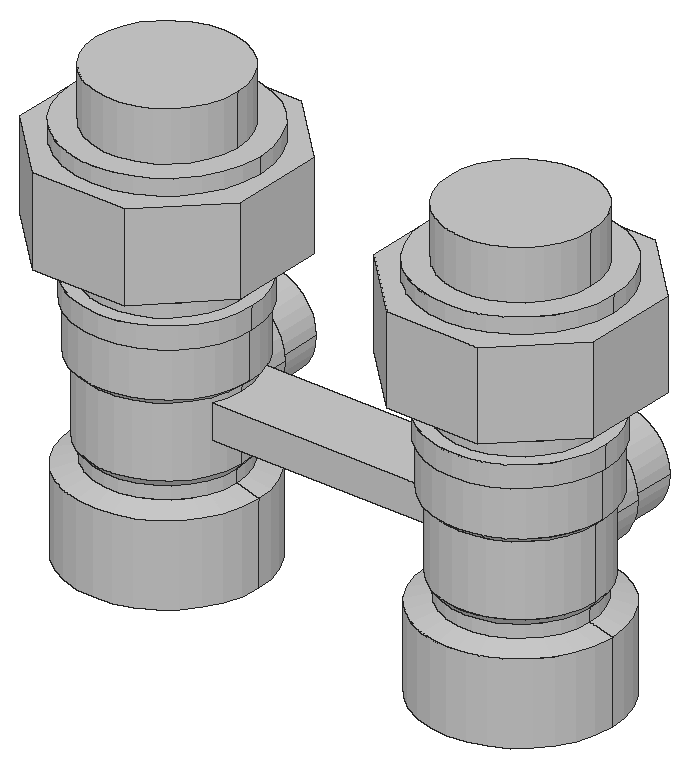
Revit family "ME_Оборудование [узел для нижнего подключения радиатора VT.345K.N]1 - VALTEC", category Оборудование, Revit 2018
Family settings
  Размер круглого соединителя = Использовать диаметр
  Классификация = Нет
  Тип детали = Вставляется
  На основе рабочей плоскости = Нет
  Всегда вертикально = Да
  При загрузке вырезать с полостями = Нет
  Общий = Нет
  Точка расчета площади = Нет
Parameters (values of type "VT.345K.N")
  Таблица 2 = "ME_Оборудование [узел для нижнего подключения радиатора VT.345K.N] - VALTEC - Таблица 2"  # constant formula
  Таблица 1 = "ME_Оборудование [узел для нижнего подключения радиатора VT.345K.N] - VALTEC - Таблица 1"  # constant formula
  Материал доп.2 = Латунь - VALTEC
  Материал доп.1 = Черный - VALTEC
  Изготовитель = "VALTEC"  # constant formula
  dn8 [instance] = size_lookup(Таблица 1, "dn8", 0 mm, d1, d2)  # 26 mm
  dn7 [instance] = size_lookup(Таблица 1, "dn7", 0 mm, d1, d2)  # 31.2 mm
  dn6 [instance] = size_lookup(Таблица 1, "dn6", 0 mm, d1, d2)  # 19.6 mm
  dn15 [instance] = size_lookup(Таблица 1, "dn15", 0 mm, d1, d2)  # 20 mm
  dn14 [instance] = size_lookup(Таблица 1, "dn14", 0 mm, d1, d2)  # 26.5 mm
  dn13 [instance] = size_lookup(Таблица 1, "dn13", 0 mm, d1, d2)  # 13.5 mm
  dn12 [instance] = size_lookup(Таблица 1, "dn12", 0 mm, d1, d2)  # 15.3 mm
  e3 [instance] = size_lookup(Таблица 1, "e3", 0 mm, d1, d2)  # 11.2 mm
  d2 [instance] = 15 mm
  c3 [instance] = size_lookup(Таблица 1, "c3", 0 mm, d1, d2)  # 4.6 mm
  c2 [instance] = size_lookup(Таблица 1, "c2", 0 mm, d1, d2)  # 4.3 mm
  c1 [instance] = size_lookup(Таблица 1, "c1", 0 mm, d1, d2)  # 6.2 mm
  a9 [instance] = size_lookup(Таблица 1, "a9", 0 mm, d1, d2)  # 12.2 mm
  a8 [instance] = size_lookup(Таблица 1, "a8", 0 mm, d1, d2)  # 3.2 mm
  a7 [instance] = size_lookup(Таблица 1, "a7", 0 mm, d1, d2)  # 1.8 mm
  a6 [instance] = size_lookup(Таблица 1, "a6", 0 mm, d1, d2)  # 3 mm
  a5 [instance] = size_lookup(Таблица 1, "a5", 0 mm, d1, d2)  # 6.6 mm
  a4 [instance] = size_lookup(Таблица 1, "a4", 0 mm, d1, d2)  # 0.9 mm
  a3 [instance] = size_lookup(Таблица 1, "a3", 0 mm, d1, d2)  # 3 mm
  a2 [instance] = size_lookup(Таблица 1, "a2", 0 mm, d1, d2)  # 6.9 mm
  a14 [instance] = size_lookup(Таблица 1, "a14", 0 mm, d1, d2)  # 11.3 mm
  a13 [instance] = size_lookup(Таблица 1, "a13", 0 mm, d1, d2)  # 0.9 mm
  a12 [instance] = size_lookup(Таблица 1, "a12", 0 mm, d1, d2)  # 1.8 mm
  a11 [instance] = size_lookup(Таблица 1, "a11", 0 mm, d1, d2)  # 7 mm
  a10 [instance] = size_lookup(Таблица 1, "a10", 0 mm, d1, d2)  # 2.2 mm
  E [instance] = size_lookup(Таблица 1, "E", 0 mm, d1, d2)  # 47 mm
  D [instance] = size_lookup(Таблица 1, "D", 0 mm, d1, d2)  # 42 mm
  C [instance] = size_lookup(Таблица 1, "C", 0 mm, d1, d2)  # 26 mm
  B [instance] = size_lookup(Таблица 1, "B", 0 mm, d1, d2)  # 50 mm
  e2 [instance] = size_lookup(Таблица 1, "e2", 0 mm, d1, d2)  # 0.8 mm
  dn5 [instance] = size_lookup(Таблица 1, "dn5", 0 mm, d1, d2)  # 20.3 mm
  dn4 [instance] = size_lookup(Таблица 1, "dn4", 0 mm, d1, d2)  # 24.1 mm
  dn3 [instance] = size_lookup(Таблица 1, "dn3", 0 mm, d1, d2)  # 23.3 mm
  dn2 [instance] = size_lookup(Таблица 1, "dn2", 0 mm, d1, d2)  # 21.3 mm
  dn1 [instance] = size_lookup(Таблица 1, "dn1", 0 mm, d1, d2)  # 19.7 mm
  d1 [instance] = 20 mm
  e1 [instance] = size_lookup(Таблица 1, "e1", 0 mm, d1, d2)  # 5.9 mm
  a1 [instance] = size_lookup(Таблица 1, "a1", 0 mm, d1, d2)  # 1 mm
  URL = "https://valtec.ru/"
  ADSK_Расход жидкости [instance] = 0.0 L/s
  ADSK_Примечание [instance] = ""
  ADSK_Потеря давления жидкости [instance] = 0.0 Pa
  ADSK_Позиция [instance] = ""
  ADSK_Обозначение [instance] = "VT.345K.N"  # constant formula
  ADSK_Наименование [instance] = size_lookup(Таблица 1, "", "Данный типоразмер отсутствует", d1, d2)  # "Узел для нижнего подключения радиатора, 1/2\" x 3/4\" «евроконус»"
  ADSK_Материал = Сталь, нержавеющая - VALTEC
  ADSK_Масса [instance] = 0
  ADSK_Марка [instance] = size_lookup(Таблица 2, "", "Данный типоразмер отсутствует", d1, d2)  # "VT.345K.N.E04"
  ADSK_Код изделия [instance] = size_lookup(Таблица 2, "", "Данный типоразмер отсутствует", d1, d2)  # "VT.345K.N.E04"
  ADSK_Завод-изготовитель [instance] = Изготовитель  # "VALTEC"
  ADSK_Единица измерения [instance] = "шт."  # constant formula
  ADSK_URL страницы изделия = "https://valtec.ru/catalog/radiatornaya_armatura/ruchnye_klapany_dlya_radiatorov/uzel_dlya_nijnego_podklyucheniya_radiatora_komplekt_vt345kn.html"
  ADSK_URL документации изделия = "https://valtec.ru/document/technical/VT.345-r-k-na-kna-0119.pdf"
  A [instance] = size_lookup(Таблица 1, "A", 0 mm, d1, d2)  # 35 mm
Reference planes
  plane 1 "По центру (Вперед/Назад)": y = 0
  plane 2: z = 0
  plane 3 "По центру (Влево/Вправо)": x = 0
  plane 4: x = -25
  plane 5: z = 10.5
  plane 6: z = 3.9
  plane 7: x = 25
  plane 8: z = -7.9
  plane 9: z = -6.9
  plane 10: z = 3
  plane 11: z = 13.5
  plane 12: z = 15.3
  plane 13: z = 18.5
  plane 14: z = 30.7
  plane 15: z = 32.9
  plane 16: z = 39.9
  plane 17 "c1": z = 2.3
  plane 18 "c2": z = -2.3
  plane 19: y = 6.2
  plane 20: x = -25.688
  plane 21: x = -24.312
  plane 22: x = 25.688
  plane 23: x = 24.312
  plane 24: z = -9.7
  plane 25: z = -10.6
  plane 26: z = -21.9
  plane 27: y = -4.3
  plane 28: y = 11.2
  plane 29: y = 12
  plane 30: y = 17.9
  plane 31: y = 19.871
Forms (mm)
  Extrusion 1, solid, material "Сталь, нержавеющая - VALTEC" <- "ADSK_Материал", detail levels medium+fine
    sketch origin (0, 0, 0) x (1, 0, 0) y (0, 1, 0)
      loop
        circle (-25, 0) r 10.65
      loop
        circle (25, 0) r 10.65
    from -6.9 to 3
  Blend 2, solid, material "Сталь, нержавеющая - VALTEC" <- "ADSK_Материал", detail levels medium+fine
    base sketch origin (0, 0, 0) x (1, 0, 0) y (0, 1, 0)
      loop
        circle (-25, 0) r 9.85
    top sketch origin (0, 0, 0) x (1, 0, 0) y (0, 1, 0)
      loop
        circle (-25, 0) r 10.65
    from -7.9 to -6.9
  Blend 3, solid, material "Сталь, нержавеющая - VALTEC" <- "ADSK_Материал", detail levels medium+fine
    base sketch origin (50, 0, 0) x (1, 0, 0) y (0, 1, 0)
      loop
        circle (-25, 0) r 9.85
    top sketch origin (50, 0, 0) x (1, 0, 0) y (0, 1, 0)
      loop
        circle (-25, 0) r 10.65
    from -7.9 to -6.9
  Blend 4, solid, material "Сталь, нержавеющая - VALTEC" <- "ADSK_Материал", detail levels medium+fine
    base sketch origin (0, 0, 0) x (1, 0, 0) y (0, 1, 0)
      loop
        circle (-25, 0) r 10.65
    top sketch origin (0, 0, 0) x (1, 0, 0) y (0, 1, 0)
      loop
        circle (-25, 0) r 11.65
    from 3 to 3.9
  Blend 5, solid, material "Сталь, нержавеющая - VALTEC" <- "ADSK_Материал", detail levels medium+fine
    base sketch origin (50, 0, 0) x (1, 0, 0) y (0, 1, 0)
      loop
        circle (-25, 0) r 10.65
    top sketch origin (50, 0, 0) x (1, 0, 0) y (0, 1, 0)
      loop
        circle (-25, 0) r 11.65
    from 3 to 3.9
  Extrusion 6, solid, material "Сталь, нержавеющая - VALTEC" <- "ADSK_Материал", detail levels medium+fine
    sketch origin (0, 0, 0) x (1, 0, 0) y (0, 1, 0)
      loop
        circle (25, 0) r 11.65
      loop
        circle (-25, 0) r 11.65
    from 3.9 to 10.5
  Extrusion 7, solid, material "Сталь, нержавеющая - VALTEC" <- "ADSK_Материал", detail levels medium+fine
    sketch origin (0, 0, 0) x (1, 0, 0) y (0, 1, 0)
      loop
        circle (25, 0) r 12.05
      loop
        circle (-25, 0) r 12.05
    from 10.5 to 13.5
  Extrusion 8, solid, material "Сталь, нержавеющая - VALTEC" <- "ADSK_Материал", detail levels medium+fine
    sketch origin (0, 0, 0) x (1, 0, 0) y (0, 1, 0)
      loop
        circle (-25, 0) r 10.15
      loop
        circle (25, 0) r 10.15
    from 13.5 to 15.3
  Extrusion 9, solid, material "Сталь, нержавеющая - VALTEC" <- "ADSK_Материал", detail levels medium+fine
    sketch origin (0, 0, 0) x (1, 0, 0) y (0, 1, 0)
      loop
        circle (-25, 0) r 9.8
      loop
        circle (25, 0) r 9.8
    from 18.5 to 15.3
  Extrusion 10, solid, material "Сталь, нержавеющая - VALTEC" <- "ADSK_Материал", detail levels medium+fine
    sketch origin (0, 0, 0) x (1, 0, 0) y (0, 1, 0)
      loop
        circle (-25, 0) r 13.25
      loop
        circle (25, 0) r 13.25
    from 30.7 to 32.9
  Extrusion 11, solid, material "Сталь, нержавеющая - VALTEC" <- "ADSK_Материал", detail levels medium+fine
    sketch origin (0, 0, 0) x (1, 0, 0) y (0, 1, 0)
      loop
        circle (-25, 0) r 10
      loop
        circle (25, 0) r 10
    from 32.9 to 39.9
  Extrusion 12, solid, material "Сталь, нержавеющая - VALTEC" <- "ADSK_Материал", detail levels medium+fine
    sketch origin (0, 0, 0) x (1, 0, 0) y (0, 0, 1)
      loop
        line (-25, 2.3) -> (-25, -2.3) -> (25, -2.3) -> (25, 2.3) -> (-25, 2.3)
    from -6.2 to 4.3
  Extrusion 13, solid, material "Сталь, нержавеющая - VALTEC" <- "ADSK_Материал", detail levels medium+fine
    sketch origin (0, 0, 0) x (1, 0, 0) y (0, 0, 1)
      loop
        circle (-25, 0) r 6.75
      loop
        circle (25, 0) r 6.75
    from -17.9 to -12
  Blend 14, solid, material "Сталь, нержавеющая - VALTEC" <- "ADSK_Материал", detail levels medium+fine
    base sketch origin (0, 0, 0) x (1, 0, 0) y (0, 0, 1)
      loop
        circle (-25, 0) r 6.75
    top sketch origin (0, 0, 0) x (1, 0, 0) y (0, 0, 1)
      loop
        circle (-25, 0) r 7.65
    from -12 to -11.2
  Blend 15, solid, material "Сталь, нержавеющая - VALTEC" <- "ADSK_Материал", detail levels medium+fine
    base sketch origin (50, 0, 0) x (1, 0, 0) y (0, 0, 1)
      loop
        circle (-25, 0) r 6.75
    top sketch origin (50, 0, 0) x (1, 0, 0) y (0, 0, 1)
      loop
        circle (-25, 0) r 7.65
    from -12 to -11.2
  Extrusion 16, solid, material "Сталь, нержавеющая - VALTEC" <- "ADSK_Материал", detail levels medium+fine
    sketch origin (0, 0, 0) x (1, 0, 0) y (0, 0, 1)
      loop
        circle (-25, 0) r 7.65
      loop
        circle (25, 0) r 7.65
    from -11.2 to 0
  Extrusion 17, solid, material "Латунь - VALTEC" <- "Материал доп.2", detail levels medium+fine
    sketch origin (0, 0, 0) x (1, 0, 0) y (0, 0, 1)
      loop
        circle (-25, 0) r 3.96
      loop
        circle (25, 0) r 4
    from -17.9 to -19.871
  Extrusion 18, void
    sketch origin (0, 0, 0) x (1, 0, 0) y (0, 1, 0)
      loop
        line (-25.688, 17.9) -> (-24.312, 17.9) -> (-24.312, 19.871) -> (-25.688, 19.871) -> (-25.688, 17.9)
      loop
        line (24.312, 19.871) -> (24.312, 17.9) -> (25.688, 17.9) -> (25.688, 19.871) -> (24.312, 19.871)
    from -5 to 5
  Extrusion 19, solid, material "Сталь, нержавеющая - VALTEC" <- "ADSK_Материал", detail levels medium+fine
    sketch origin (0, 0, 0) x (1, 0, 0) y (0, 1, 0)
      loop
        circle (-25, 0) r 9.85
      loop
        circle (25, 0) r 9.85
    from -9.7 to -7.9
  Blend 20, solid, material "Сталь, нержавеющая - VALTEC" <- "ADSK_Материал", detail levels medium+fine
    base sketch origin (0, 0, 0) x (1, 0, 0) y (0, 1, 0)
      loop
        circle (-25, 0) r 9.85
    top sketch origin (0, 0, 0) x (1, 0, 0) y (0, 1, 0)
      loop
        circle (-25, 0) r 13
    from -9.7 to -10.6
  Extrusion 21, solid, material "Сталь, нержавеющая - VALTEC" <- "ADSK_Материал", detail levels medium+fine
    sketch origin (0, 0, 0) x (1, 0, 0) y (0, 1, 0)
      loop
        circle (-25, 0) r 13
      loop
        circle (25, 0) r 13
    from -21.9 to -10.6
  Blend 22, solid, material "Сталь, нержавеющая - VALTEC" <- "ADSK_Материал", detail levels medium+fine
    base sketch origin (50, 0, 0) x (1, 0, 0) y (0, 1, 0)
      loop
        circle (-25, 0) r 9.85
    top sketch origin (50, 0, 0) x (1, 0, 0) y (0, 1, 0)
      loop
        circle (-25, 0) r 13
    from -9.7 to -10.6
Cuts and joins
  Extrusion 18 cuts Extrusion 1
  Extrusion 18 cuts Blend 2
  Extrusion 18 cuts Blend 3
  Extrusion 18 cuts Blend 4
  Extrusion 18 cuts Blend 5
  Extrusion 18 cuts Extrusion 6
  Extrusion 18 cuts Extrusion 7
  Extrusion 18 cuts Extrusion 8
  Extrusion 18 cuts Extrusion 9
  Extrusion 18 cuts Extrusion 10
  Extrusion 18 cuts Extrusion 11
  Extrusion 18 cuts Extrusion 12
  Extrusion 18 cuts Extrusion 13
  Extrusion 18 cuts Blend 14
  Extrusion 18 cuts Blend 15
  Extrusion 18 cuts Extrusion 16
  joined: Extrusion 1, Blend 2, Blend 3, Blend 4, Blend 5, Extrusion 6, Extrusion 7, Extrusion 8, Extrusion 9, Extrusion 10, Extrusion 11, Extrusion 12, Extrusion 13, Blend 14, Blend 15, Extrusion 16, Extrusion 19, Blend 20, Extrusion 21, Blend 22
  Extrusion 18 cuts Extrusion 17
Lines and regions (mm)
  reference lines
    curve 1: line (25, 0, 32.9) -> (25, 0, -21.9)
    curve 2: line (-25, 0, 32.9) -> (-25, 0, -21.9)
  model lines, detail levels coarse
    curve 3: line (-40, 0, -21.9) -> (-10, 0, -21.9)
    curve 4: line (10, 0, -21.9) -> (40, 0, -21.9)
    curve 5: line (-10, 0, -21.9) -> (-25, 0, 0)
    curve 6: line (-25, 0, 0) -> (-40, 0, -21.9)
    curve 7: line (10, 0, -21.9) -> (25, 0, 0)
    curve 8: line (25, 0, 0) -> (40, 0, -21.9)
    curve 9: line (-40, 0, 21.9) -> (-10, 0, 21.9)
    curve 10: line (10, 0, 21.9) -> (40, 0, 21.9)
    curve 11: line (-10, 0, 21.9) -> (-25, 0, 0)
    curve 12: line (-25, 0, 0) -> (-40, 0, 21.9)
    curve 13: line (10, 0, 21.9) -> (25, 0, 0)
    curve 14: line (25, 0, 0) -> (40, 0, 21.9)
    curve 15: line (25, 0, 21.9) -> (25, 0, 39.9)
    curve 16: line (-25, 0, 21.9) -> (-25, 0, 39.9)
Dimensions and locks
  equal spacing: plane 7, plane 3 "По центру (Влево/Вправо)", plane 4
  "B": plane 7 to plane 4
  "a1": plane 9 to plane 8
  "a2": plane 2 to plane 9
  "a3": plane 10 to plane 2
  "a4": plane 6 to plane 10
  "a5": plane 5 to plane 6
  "a6": plane 11 to plane 5
  "a7": plane 12 to plane 11
  "a8": plane 13 to plane 12
  "a9": plane 14 to plane 13
  "a10": plane 15 to plane 14
  "a11": plane 16 to plane 15
  equal spacing: plane 17 "c1", level, plane 18 "c2"
  "c3": plane 17 "c1" to plane 18 "c2"
  "c1": plane 1 "По центру (Вперед/Назад)" to plane 19
  locked: plane 20 to plane 4 at 0.688
  locked: plane 4 to plane 21 at 0.688
  locked: plane 23 to plane 7 at 0.688
  locked: plane 7 to plane 22 at 0.688
  "a12": plane 8 to plane 24
  "a13": plane 24 to plane 25
  "a14": plane 25 to plane 26
  "c2": plane 27 to plane 1 "По центру (Вперед/Назад)"
  curve 3 to plane 4 to curve 3 = 15 mm locked, 15 mm locked
  curve 4 to plane 7 to curve 4 = 15 mm locked, 15 mm locked
  curve 9 to curve 9 = 30 mm
  curve 10 to plane 7 to curve 10 = 15 mm locked, 15 mm locked
  "e3": plane 28 to plane 1 "По центру (Вперед/Назад)"
  "e2": plane 29 to plane 28
  "e1": plane 30 to plane 29
  locked: plane 31 to plane 30 at 1.971
  "dn2": diameter of Extrusion 1 sketch curve  (x2)
  "dn1": diameter of Blend 2 sketch curve
  "dn2": diameter of Blend 2 sketch curve
  "dn1": diameter of Blend 3 sketch curve
  "dn2": diameter of Blend 3 sketch curve
  "dn2": diameter of Blend 4 sketch curve
  "dn3": diameter of Blend 4 sketch curve
  "dn2": diameter of Blend 5 sketch curve
  "dn3": diameter of Blend 5 sketch curve
  "dn3": diameter of Extrusion 6 sketch curve  (x2)
  "dn4": diameter of Extrusion 7 sketch curve  (x2)
  "dn5": diameter of Extrusion 8 sketch curve  (x2)
  "dn6": diameter of Extrusion 9 sketch curve  (x2)
  "dn14": diameter of Extrusion 10 sketch curve  (x2)
  "dn15": diameter of Extrusion 11 sketch curve  (x2)
  "dn13": diameter of Extrusion 13 sketch curve  (x2)
  "dn13": diameter of Blend 14 sketch curve
  "dn12": diameter of Blend 14 sketch curve
  "dn13": diameter of Blend 15 sketch curve
  "dn12": diameter of Blend 15 sketch curve
  "dn12": diameter of Extrusion 16 sketch curve  (x2)
  diameter of Extrusion 17 sketch curve = 7.92 mm
  diameter of Extrusion 17 sketch curve = 8 mm
  "dn1": diameter of Extrusion 19 sketch curve  (x2)
  "dn1": diameter of Blend 20 sketch curve
  "dn8": diameter of Blend 20 sketch curve
  "dn8": diameter of Extrusion 21 sketch curve  (x2)
  "dn1": diameter of Blend 22 sketch curve
  "dn8": diameter of Blend 22 sketch curve
  aligned and locked: level to plane 2
  aligned and locked: plane 7 to Extrusion 1 sketch curve
  aligned and locked: plane 4 to Extrusion 1 sketch curve
  aligned and locked: plane 1 "По центру (Вперед/Назад)" to Extrusion 1 sketch curve  (x2)
  aligned and locked: plane 1 "По центру (Вперед/Назад)" to Blend 2 sketch curve  (x2)
  aligned and locked: plane 4 to Blend 2 sketch curve  (x2)
  aligned and locked: plane 1 "По центру (Вперед/Назад)" to Blend 3 sketch curve  (x2)
  aligned and locked: plane 7 to Blend 3 sketch curve  (x2)
  aligned and locked: plane 9 to Blend 3
  aligned and locked: Blend 3 to plane 8
  aligned and locked: Extrusion 1 to plane 9
  aligned and locked: plane 10 to Extrusion 1
  aligned and locked: Blend 2 to plane 8
  aligned and locked: plane 9 to Blend 2
  aligned and locked: plane 1 "По центру (Вперед/Назад)" to Blend 4 sketch curve  (x2)
  aligned and locked: plane 4 to Blend 4 sketch curve  (x2)
  aligned and locked: plane 1 "По центру (Вперед/Назад)" to Blend 5 sketch curve  (x2)
  aligned and locked: plane 7 to Blend 5 sketch curve  (x2)
  aligned and locked: plane 1 "По центру (Вперед/Назад)" to Extrusion 6 sketch curve
  aligned and locked: plane 7 to Extrusion 6 sketch curve
  aligned and locked: plane 4 to Extrusion 6 sketch curve
  aligned and locked: Blend 4 to plane 10
  aligned and locked: plane 6 to Blend 4
  aligned and locked: Blend 5 to plane 10
  aligned and locked: plane 6 to Blend 5
  aligned and locked: Extrusion 6 to plane 6
  aligned and locked: plane 5 to Extrusion 6
  aligned and locked: plane 7 to Extrusion 7 sketch curve
  aligned and locked: plane 1 "По центру (Вперед/Назад)" to Extrusion 7 sketch curve  (x2)
  aligned and locked: plane 4 to Extrusion 7 sketch curve
  aligned and locked: Extrusion 7 to plane 5
  aligned and locked: plane 11 to Extrusion 7
  aligned and locked: plane 4 to Extrusion 8 sketch curve
  aligned and locked: plane 7 to Extrusion 8 sketch curve
  aligned and locked: plane 1 "По центру (Вперед/Назад)" to Extrusion 8 sketch curve  (x2)
  aligned and locked: plane 4 to Extrusion 9 sketch curve
  aligned and locked: plane 1 "По центру (Вперед/Назад)" to Extrusion 9 sketch curve  (x2)
  aligned and locked: plane 7 to Extrusion 9 sketch curve
  aligned and locked: Extrusion 8 to plane 11
  aligned and locked: Extrusion 9 to plane 12
  aligned and locked: plane 13 to Extrusion 9
  aligned and locked: plane 12 to Extrusion 8
  aligned and locked: plane 4 to nested 1
  aligned and locked: plane 1 "По центру (Вперед/Назад)" to nested 1
  aligned and locked: plane 1 "По центру (Вперед/Назад)" to nested 2
  aligned and locked: nested 2 to plane 7
  aligned and locked: nested 1 to plane 13
  aligned and locked: nested 2 to plane 13
  aligned and locked: plane 4 to Extrusion 10 sketch curve
  aligned and locked: plane 1 "По центру (Вперед/Назад)" to Extrusion 10 sketch curve  (x2)
  aligned and locked: plane 7 to Extrusion 10 sketch curve
  aligned and locked: plane 4 to Extrusion 11 sketch curve
  aligned and locked: plane 1 "По центру (Вперед/Назад)" to Extrusion 11 sketch curve  (x2)
  aligned and locked: plane 7 to Extrusion 11 sketch curve
  aligned and locked: Extrusion 10 to plane 14
  aligned and locked: plane 15 to Extrusion 10
  aligned and locked: Extrusion 11 to plane 16
  aligned and locked: Extrusion 12 sketch curve to plane 17 "c1"
  aligned and locked: plane 4 to Extrusion 12 sketch curve
  aligned and locked: plane 18 "c2" to Extrusion 12 sketch curve
  aligned and locked: plane 7 to Extrusion 12 sketch curve
  aligned and locked: plane 19 to Extrusion 12
  aligned and locked: plane 7 to Extrusion 13 sketch curve
  aligned and locked: level to Extrusion 13 sketch curve  (x2)
  aligned and locked: plane 4 to Blend 14 sketch curve  (x2)
  aligned and locked: level to Blend 14 sketch curve  (x2)
  aligned and locked: level to Blend 15 sketch curve  (x2)
  aligned and locked: plane 7 to Blend 15 sketch curve  (x2)
  aligned and locked: plane 4 to Extrusion 16 sketch curve
  aligned and locked: level to Extrusion 16 sketch curve  (x2)
  aligned and locked: plane 7 to Extrusion 16 sketch curve
  aligned and locked: plane 1 "По центру (Вперед/Назад)" to Extrusion 16
  aligned and locked: plane 4 to Extrusion 17 sketch curve
  aligned and locked: level to Extrusion 17 sketch curve  (x2)
  aligned and locked: plane 7 to Extrusion 17 sketch curve
  aligned and locked: plane 20 to Extrusion 18 sketch curve
  aligned and locked: plane 21 to Extrusion 18 sketch curve
  aligned and locked: plane 22 to Extrusion 18 sketch curve
  aligned and locked: plane 23 to Extrusion 18 sketch curve
  aligned and locked: cut or joined group 1 (Extrusion 1, Blend 2, Blend 3, Blend 4, Blend 5, Extrusion 6, Extrusion 7, Extrusion 8, Extrusion 9, Extrusion 10, Extrusion 11, Extrusion 12, Extrusion 13, Blend 14, Blend 15, Extrusion 16, Extrusion 18, Extrusion 19, Blend 20, Extrusion 21, Blend 22) to plane 14
  aligned and locked: cut or joined group 1 to plane 15
  aligned and locked: plane 16 to cut or joined group 1
  aligned and locked: plane 4 to Extrusion 19 sketch curve
  aligned and locked: plane 1 "По центру (Вперед/Назад)" to Extrusion 19 sketch curve  (x2)
  aligned and locked: plane 7 to Extrusion 19 sketch curve
  aligned and locked: Extrusion 19 to plane 24
  aligned and locked: plane 8 to Extrusion 19
  aligned and locked: plane 7 to Extrusion 21 sketch curve
  aligned and locked: plane 1 "По центру (Вперед/Назад)" to Extrusion 21 sketch curve  (x2)
  aligned and locked: plane 4 to Extrusion 21 sketch curve
  aligned and locked: plane 24 to Blend 20
  aligned and locked: Blend 20 to plane 25
  aligned and locked: plane 1 "По центру (Вперед/Назад)" to Blend 22 sketch curve  (x2)
  aligned and locked: plane 7 to Blend 22 sketch curve  (x2)
  aligned and locked: plane 1 "По центру (Вперед/Назад)" to Blend 20 sketch curve  (x2)
  aligned and locked: plane 4 to Blend 20 sketch curve  (x2)
  aligned and locked: Extrusion 21 to plane 26
  aligned and locked: plane 25 to Extrusion 21
  aligned and locked: plane 26 to curve 2
  aligned and locked: curve 2 to plane 4
  aligned and locked: plane 26 to curve 1
  aligned and locked: plane 7 to curve 1
  aligned and locked: plane 27 to cut or joined group 1
  aligned and locked: curve 4 to plane 26
  aligned and locked: curve 3 to plane 26
  aligned and locked: level to curve 6
  aligned and locked: level to curve 8
  aligned and locked: plane 16 to curve 15
  aligned and locked: plane 16 to curve 16
  aligned and locked: curve 9 to curve 16
  aligned and locked: plane 4 to curve 16
  aligned and locked: curve 10 to curve 15
  aligned and locked: curve 15 to plane 7
  aligned and locked: plane 15 to curve 1
  aligned and locked: plane 15 to curve 2
  aligned and locked: plane 31 to cut or joined group of Extrusion 17, Extrusion 18  (x2)
  aligned and locked: cut or joined group of Extrusion 17, Extrusion 18 to plane 30
  aligned and locked: plane 31 to Extrusion 18
  aligned and locked: plane 30 to cut or joined group 1  (x2)
  aligned and locked: cut or joined group 1 to plane 30
  aligned and locked: cut or joined group 1 to plane 29
  aligned and locked: plane 29 to cut or joined group 1  (x2)
  aligned and locked: cut or joined group 1 to plane 28  (x2)
  aligned and locked: plane 28 to cut or joined group 1
Automatic sketch dimensions
  Extrusion 13 sketch curve to plane 4 = 0 mm
  curve 12 to plane 4 = 0 mm
  plane 7 to curve 7 = 0 mm
  plane 13 to curve 12 = 3.4 mm
  curve 12 to plane 4 = 15 mm
  plane 13 to curve 10 = 3.4 mm
  plane 1 "По центру (Вперед/Назад)" to Extrusion 6 sketch curve = 0 mm
  Extrusion 18 sketch curve to plane 27 = 22.2 mm
  Extrusion 18 sketch curve to plane 27 = 24.171 mm
  Extrusion 18 sketch curve to Extrusion 18 sketch curve = 1.971 mm  (x2)
Nested families
  nested 1: "Гайка - вертикаль" at (-25, 0, 18.5) x (0.3827, 0.9239, 0) z (0, 0, 1), ADSK_Материал <- "ADSK_Материал", d <- "dn7", h <- "a9", type "Гайка - вертикаль", detail levels medium+fine
    with h 12.2 mm, d 31.2 mm, ADSK_Материал Сталь, нержавеющая - VALTEC
  nested 2: "Гайка - вертикаль" at (25, 0, 18.5) x (0.3827, 0.9239, 0) z (0, 0, 1), ADSK_Материал <- "ADSK_Материал", d <- "dn7", h <- "a9", type "Гайка - вертикаль", detail levels medium+fine
    with h 12.2 mm, d 31.2 mm, ADSK_Материал Сталь, нержавеющая - VALTEC
Connectors
  piping at (-25, 0, -21.9), diameter 20, driven by "ADSK_Расход жидкости", driven by "d1", driven by "ADSK_Потеря давления жидкости"
    settings: on curve 2, index 1, connector inside diameter 609.6 mm, connector length 0 mm, flow factor 0, pipe flow 0.0 L/s, pressure drop 0.0 Pa, fitting loss kfactor 0, connector angle 0.00°, fixture units 0, engagement length 0 mm, angle of deflection 0.00°, flow configuration 0, flow direction 0, fitting loss method 4, system type 29, joint type 0, gender type 0, connector reference index 4, connector utility 0, adjustable connector no, is connector primary yes, connector description ""
  piping at (25, 0, -21.9), diameter 20, driven by "ADSK_Расход жидкости", driven by "d1"
    settings: on curve 1, index 2, connector inside diameter 609.6 mm, connector length 0 mm, flow factor 0, pipe flow 0.0 L/s, pressure drop 0.0 Pa, fitting loss kfactor 0, connector angle 0.00°, fixture units 0, engagement length 0 mm, angle of deflection 0.00°, flow configuration 0, flow direction 0, fitting loss method 0, system type 29, joint type 0, gender type 0, connector reference index 3, connector utility 0, adjustable connector no, is connector primary no, connector description ""
  piping at (25, 0, 32.9), diameter 15, driven by "ADSK_Расход жидкости", driven by "d2"
    settings: on curve 1, index 3, connector inside diameter 609.6 mm, connector length 0 mm, flow factor 0, pipe flow 0.0 L/s, pressure drop 0.0 Pa, fitting loss kfactor 0, connector angle 0.00°, fixture units 0, engagement length 0 mm, angle of deflection 0.00°, flow configuration 0, flow direction 0, fitting loss method 0, system type 29, joint type 0, gender type 0, connector reference index 2, connector utility 0, adjustable connector no, is connector primary no, connector description ""
  piping at (-25, 0, 32.9), diameter 15, driven by "ADSK_Расход жидкости", driven by "d2"
    settings: on curve 2, index 4, connector inside diameter 609.6 mm, connector length 0 mm, flow factor 0, pipe flow 0.0 L/s, pressure drop 0.0 Pa, fitting loss kfactor 0, connector angle 0.00°, fixture units 0, engagement length 0 mm, angle of deflection 0.00°, flow configuration 0, flow direction 0, fitting loss method 0, system type 29, joint type 0, gender type 0, connector reference index 1, connector utility 0, adjustable connector no, is connector primary no, connector description ""
Definition of nested family "Гайка - вертикаль"
  Parameters (values of type "Гайка - вертикаль")
    h [instance] = 7.5 mm
    d [instance] = 11.918 mm
    ADSK_Материал [instance] = none
  Reference planes
    plane 1 "По центру (Вперед/Назад)": y = 0
    plane 2: z = 0
    plane 3 "По центру (Влево/Вправо)": x = 0
    plane 4: x = -6.45
    plane 5: x = 6.45
    plane 6: through (737.894, 1797.006, 1200) normal (0.9239, -0.3827, 0)
    plane 7: through (765.367, 1847.759, 1200) normal (0.9239, -0.3827, 0)
    plane 8: through (792.839, 1898.512, 1200) normal (0.9239, -0.3827, 0)
    plane 9: through (-737.894, 1797.006, 1200) normal (0.9239, 0.3827, 0)
    plane 10: through (-765.367, 1847.759, 1200) normal (0.9239, 0.3827, 0)
    plane 11: through (-792.839, 1898.512, 1200) normal (0.9239, 0.3827, 0)
    plane 12: through (1845.479, 770.872, 1200) normal (0.3827, -0.9239, 0)
    plane 13: through (1847.759, 765.367, 1200) normal (0.3827, -0.9239, 0)
    plane 14: through (1850.039, 759.861, 1200) normal (0.3827, -0.9239, 0)
    plane 15: through (-1845.479, 770.872, 1200) normal (0.3827, 0.9239, 0)
    plane 16: through (-1847.759, 765.367, 1200) normal (0.3827, 0.9239, 0)
    plane 17: through (-1850.039, 759.861, 1200) normal (0.3827, 0.9239, 0)
    plane 18: z = 7.5
  Forms (mm)
    Extrusion 1, solid, material <- "ADSK_Материал"
      sketch origin (0, 0, 0) x (1, 0, 0) y (0, 1, 0)
        loop
          line (0, 6.45) -> (-4.561, 4.561) -> (-6.45, 0) -> (-4.561, -4.561) -> (0, -6.45) -> (4.561, -4.561) -> (6.45, 0) -> (4.561, 4.561) -> (0, 6.45)
      from 0 to 7.5
  Lines and regions (mm)
    reference lines
      curve 1: line (-5.505, -2.28, 0) -> (5.505, 2.28, 0)
      curve 2: line (-2.28, 5.505, 0) -> (2.28, -5.505, 0)
  Dimensions and locks
    equal spacing: plane 4, plane 3 "По центру (Влево/Вправо)", plane 5
    locked: plane 4 to plane 5 at 12.9
    equal spacing: plane 6, plane 7, plane 8
    "d": plane 6 to plane 8
    equal spacing: plane 9, plane 10, plane 11
    "d": plane 9 to plane 11
    equal spacing: plane 12, plane 13, plane 14
    "d": plane 12 to plane 14
    equal spacing: plane 15, plane 16, plane 17
    "d": plane 15 to plane 17
    "h": plane 18 to plane 2
    aligned and locked: level to plane 2
    aligned and locked: plane 12 to Extrusion 1 sketch curve
    aligned and locked: plane 15 to Extrusion 1 sketch curve
    aligned and locked: plane 9 to Extrusion 1 sketch curve
    aligned and locked: Extrusion 1 sketch curve to plane 8
    aligned and locked: Extrusion 1 sketch curve to plane 14
    aligned and locked: Extrusion 1 sketch curve to plane 17
    aligned and locked: Extrusion 1 sketch curve to plane 11
    aligned and locked: plane 6 to Extrusion 1 sketch curve
    aligned and locked: plane 18 to Extrusion 1
    aligned and locked: plane 12 to curve 2
    aligned and locked: plane 14 to curve 2
    aligned and locked: plane 9 to curve 1
    aligned and locked: plane 11 to curve 1
    aligned and locked: curve 1 to plane 13
    aligned and locked: curve 2 to plane 10
